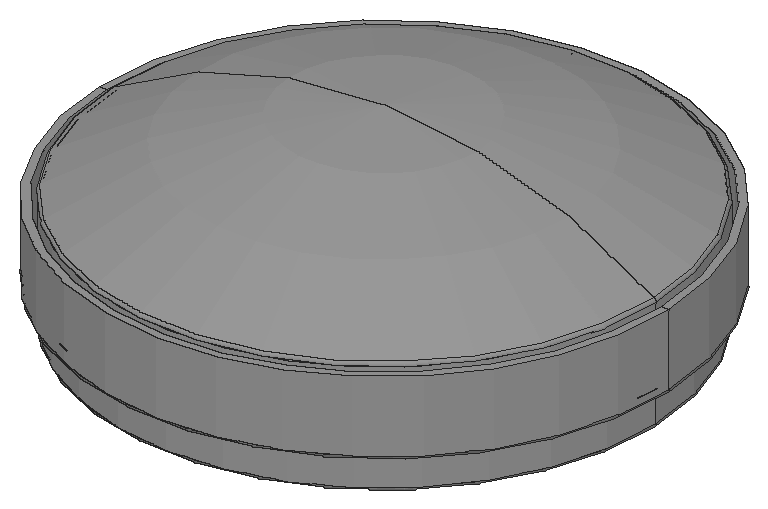
Revit family "3034790 Sylvania Lighting Fixture GIOTTO305 LED G2 4000K RECESSED DALI EMERGENCY", category Lighting Fixtures, host Face, Revit 2016
Family settings
  Host = Face
  Part Type = Normal
  Round Connector Dimension = Use Diameter
  OmniClass Number = 23.80.70.00
  OmniClass Title = Lighting
  Cut with Voids When Loaded = No
  Light Source = Yes
  Shared = No
  Room Calculation Point = No
Parameters (values of type "3034790 GIOTTO305 LED G2 4000K RECESSED DALI EMERGENCY Emergency mode")
  Weight = "1.41 kg"
  Wattage Comments = ""
  Wattage = 20 W
  WarrantyStartDate [instance] = "n/a"
  WarrantyGuarantorParts = "n/a"
  WarrantyDurationUnit = "n/a"
  WarrantyDurationParts = "n/a"
  WarrantyDescription = "n/a"
  built-in parameter 1150110 = 1 (stored number, unit not read)
  Voltage = 0 V
  URL = "http://www.sylvania-lighting.com"
  TypeName = "GIOTTO305 LED G2 4000K RECESSED DALI EMERGENCY Emergency mode"
  Type Image = <None>
  Type Comments = "n/a"
  built-in parameter 1114217 = 1 (stored number, unit not read)
  Tilt Angle = -90.00°
  built-in parameter 1150109 = 1 (stored number, unit not read)
  built-in parameter 1150134 = 12
  built-in parameter 1150113 = 1 (stored number, unit not read)
  SerialNumber [instance] = "n/a"
  Photometric Web File = "3034790EM.ies"
  Material_3_SYL = LED-Sylvania
  PowerFactor = 0
  PowerConsumption = "20 W"
  NominalLength = 305 mm
  NominalHeight = 104 mm
  NominalDepth = 305 mm
  Name = "GIOTTO305 LED G2 4000K RECESSED DALI EMERGENCY Emergency mode"
  ModelReference = Name  # "GIOTTO305 LED G2 4000K RECESSED DALI EMERGENCY Emergency mode"
  ModelNumber = "3034790"
  Model = Name  # "GIOTTO305 LED G2 4000K RECESSED DALI EMERGENCY Emergency mode"
  Material = "polycarbonate housing, polycarbonate diffuser"
  ManufacturerName = "Feilo Sylvania"
  Manufacturer = "Feilo Sylvania"
  LuminousEfficacy = "5.45 lm/W"
  built-in parameter 1150105 = 8.6739 (stored number, unit not read)
  Lumens = 109 lm
  LuminaireType = ""
  built-in parameter 1150115 = 1 (stored number, unit not read)
  LightOutputRatio = "n/a"
  built-in parameter 1150137 = (empty or 0)
  built-in parameter 1150139 = (empty or 0)
  LampsType = Lamp  # "LED"
  LampNominalLuminous = "109 lm"
  LampMacAdamStep = "n/a"
  LampColourTemperature = "4000 K"
  LampColourRenderingIndex = "80"
  built-in parameter 1150112 = 1 (stored number, unit not read)
  built-in parameter 1150114 = 1 (stored number, unit not read)
  Lamp = "LED"
  Keynote = "16500"
  InstallationDate [instance] = "n/a"
  InputVoltage = "n/a"
  InputNominalFrequency = "n/a"
  built-in parameter 1150132 = (empty or 0)
  built-in parameter 1150102 = (empty or 0)
  built-in parameter 1150107 = 4000 (stored number, unit not read)
  built-in parameter 1150138 = (empty or 0)
  IngressProtection = "IP44"
  ImpactProtectionIndex = "IK10"
  built-in parameter 1150106 = 0.086739 (stored number, unit not read)
  IfcExportType = "IfcLightFixtureType"
  IfcExportAs = "IfcLightFixtureType"
  Height_SYL = 104 mm
  ExpectedLife = 50000
  Emit from Circle Diameter = 317 mm
  Emit Shape Visible in Rendering = no
  ElectricShockClassification = "Class I"
  built-in parameter 1150104 = 0.50632 (stored number, unit not read)
  DurationUnit = "hours"
  DocumentationLiterature = "http://www.sylvania-lighting.com/product/en-int/products/3034790"
  DimmingControlOptions = "n/a"
  Material_2_SYL = Polycarbonate_Sylvania_Giotto_Opal
  Dimming Lamp Color Temperature Shift = <None>
  DiffuserRadius_SYL = 282.611 mm
  Diameter_SYL = 305 mm
  Description = "Ambient and decorative round, recessed mounted LED bulkhead luminaire. White robust polycarbonate body with opal diffuser, 1596 lm, 20W, 80lm/W, 4000K, CRI 80, DALI, integral 3 hour maintained emergency, 50,000 hours lumen maintenance. Drive current: 700mA, IP44, IK10, Class I, 220-240V, Energy class: A++, A+, A."
  Default Elevation = 1219.2 mm
  CreatedOn = "11/7/2018"
  CreatedBy = "@sylvania-lighting.com"
  Cost = 0
  Color Filter = 16777215
  built-in parameter 1114216 [instance] = (empty or 0)
  ClassificationValue = "EF_70_80"
  ClassificationName = "Uniclass2015"
  Material_1_SYL = Polycarbonate_Sylvania_Giotto_White
  BarCode [instance] = "n/a"
  built-in parameter 1114218 = 1 (stored number, unit not read)
  built-in parameter 1150133 = 10 (stored number, unit not read)
  AssetType = "Fixed"
  AssetIdentifier [instance] = "n/a"
  Assembly Code = "D5020200"
  Apparent Load = 20 VA
  Material_4_SYL = none
Types (2, lengths in mm): name | TypeName | Photometric Web File | Name | ModelReference | Model | LuminousEfficacy | built-in parameter 1150105 | Lumens | LampNominalLuminous | built-in parameter 1150106 | built-in parameter 1150104
  3034790 GIOTTO305 LED G2 4000K RECESSED DALI EMERGENCY Emergency mode | "GIOTTO305 LED G2 4000K RECESSED DALI EMERGENCY Emergency mode" | "3034790EM.ies" | "GIOTTO305 LED G2 4000K RECESSED DALI EMERGENCY Emergency mode" | "GIOTTO305 LED G2 4000K RECESSED DALI EMERGENCY Emergency mode" | "GIOTTO305 LED G2 4000K RECESSED DALI EMERGENCY Emergency mode" | "5.45 lm/W" | 8.6739 (stored number, unit not read) | 109 lm | "109 lm" | 0.086739 (stored number, unit not read) | 0.50632 (stored number, unit not read)
  3034790 GIOTTO305 LED G2 4000K RECESSED DALI EMERGENCY | "GIOTTO305 LED G2 4000K RECESSED DALI EMERGENCY" | "3034790.ies" | "GIOTTO305 LED G2 4000K RECESSED DALI EMERGENCY" | "GIOTTO305 LED G2 4000K RECESSED DALI EMERGENCY" | "GIOTTO305 LED G2 4000K RECESSED DALI EMERGENCY" | "80 lm/W" | 127.32 (stored number, unit not read) | 1600 lm | "1596 lm" | 1.2732 (stored number, unit not read) | 7.4322 (stored number, unit not read)
Reference planes
  plane 1 "Center (Front/Back)": y = 0
  plane 2: z = 0
  plane 3 "Center (Left/Right)": x = 0
  plane 4: x = 152.5
  plane 5: x = -152.5
  plane 6: x = -145.5
  plane 7: x = -148.5
  plane 8: z = 104
  plane 9: z = 59
  plane 10: z = 19
  plane 11: z = 24
  plane 12: x = -150.9
  plane 13: z = 20.6
  plane 14: z = 1.6
  plane 15: x = -143.9
  plane 16: z = 18
  plane 17: x = -146.5
  plane 18: z = 25
  plane 19: z = 61
Forms (mm)
  Revolve 1, solid, material "Polycarbonate_Sylvania_Giotto_White" <- "Material_1_SYL"
    sketch origin (0, 0, 0) x (1, 0, 0) y (0, 0, 1)
      loop
        line (0, 0) -> (0, 25) -> (-143.9, 25) -> (-143.9, 24) -> (-148.5, 24) -> (-148.5, 59) -> (-152.5, 59) -> (-152.5, 20.6)
        arc (-152.5, 20.6) -> (-152.031, 19.469) -> (-150.9, 19) r 1.6
        line (-150.9, 19) -> (-146.5, 19)
        arc (-146.5, 19) -> (-145.793, 18.707) -> (-145.5, 18) r 1
        line (-145.5, 18) -> (-145.5, 1.6)
        arc (-145.5, 1.6) -> (-145.031, 0.469) -> (-143.9, 0) r 1.6
        line (-143.9, 0) -> (0, 0)
      axis (0, 59) -> (0, 0)
    angle from 360 to 0
  Revolve 2, solid, material "Polycarbonate_Sylvania_Giotto_Opal" <- "Material_2_SYL"
    sketch origin (0, 0, 0) x (1, 0, 0) y (0, 0, 1)
      loop
        line (-145.5, 24) -> (-143.9, 24) -> (-143.9, 59.636)
        arc (-143.9, 59.636) -> (-143.79, 60.068) -> (-143.485, 60.394) r 0.9
        arc (-143.485, 60.394) -> (-74.754, 91.683) -> (0, 102.4) r 266.066
        line (0, 102.4) -> (0, 104)
        arc (0, 104) -> (-75.203, 93.218) -> (-144.348, 61.742) r 267.666
        arc (-144.348, 61.742) -> (-145.193, 60.836) -> (-145.5, 59.636) r 2.5
        line (-145.5, 59.636) -> (-145.5, 24)
      axis (0, 104) -> (0, 24)
    angle from 360 to 0
Dimensions and locks
  equal spacing: plane 4, plane 3 "Center (Left/Right)", plane 5
  "Diameter_SYL": plane 4 to plane 5
  locked: plane 6 to plane 5 at 7
  locked: plane 7 to plane 5 at 4
  "Height_SYL": plane 8 to plane 2
  locked: plane 8 to plane 9 at 45
  locked: plane 9 to plane 10 at 40
  Revolve 1 sketch curve to Revolve 1 sketch curve = 4.4 mm
  locked: plane 11 to plane 10 at 5
  locked: plane 12 to plane 5 at 1.6
  locked: plane 13 to plane 10 at 1.6
  locked: plane 14 to plane 2 at 1.6
  locked: plane 15 to plane 6 at 1.6
  locked: plane 6 to plane 17 at 1
  locked: plane 10 to plane 16 at 1
  locked: plane 18 to plane 11 at 1
  locked: plane 19 to plane 9 at 2
  aligned and locked: plane 2 to host face
  aligned and locked: level to host face
  aligned and locked: Revolve 1 sketch curve to plane 3 "Center (Left/Right)"
  aligned and locked: level to Revolve 1 sketch curve
  aligned and locked: Revolve 1 sketch curve to plane 10
  aligned and locked: plane 9 to Revolve 1 sketch curve
  aligned and locked: Revolve 1 sketch curve to plane 7
  aligned and locked: plane 12 to Revolve 1 sketch curve  (x2)
  aligned and locked: plane 13 to Revolve 1 sketch curve  (x2)
  aligned and locked: plane 15 to Revolve 1 sketch curve  (x3)
  aligned and locked: plane 14 to Revolve 1 sketch curve  (x2)
  aligned and locked: plane 3 "Center (Left/Right)" to imposter light
  aligned and locked: imposter light to plane 1 "Center (Front/Back)"
  aligned and locked: plane 18 to Revolve 1 sketch curve
  aligned and locked: plane 11 to Revolve 1 sketch curve
  aligned and locked: imposter light to plane 8
  aligned and locked: plane 6 to Revolve 1 sketch curve
  aligned and locked: plane 17 to Revolve 1 sketch curve
  aligned and locked: plane 16 to Revolve 1 sketch curve
  aligned and locked: Revolve 2 sketch curve to plane 3 "Center (Left/Right)"
  aligned and locked: plane 6 to Revolve 2 sketch curve
  aligned and locked: plane 3 "Center (Left/Right)" to Revolve 2 sketch curve
  aligned and locked: plane 11 to Revolve 2 sketch curve
  aligned and locked: Revolve 2 sketch curve to imposter light
Automatic sketch dimensions
  host sketch curve to host sketch curve = 2438.4 mm  (x2)
  Revolve 1 sketch curve to plane 3 "Center (Left/Right)" = 0 mm
  Revolve 1 sketch curve to level = 609.6 mm
  Revolve 1 sketch curve to plane 8 = 2499.058 mm
  Revolve 2 sketch curve to Revolve 2 sketch curve = 0 mm  (x4)
  Revolve 2 sketch curve to plane 15 = 0 mm
  Revolve 2 sketch curve to plane 8 = 0 mm
  plane 15 to Revolve 2 sketch curve = 0.9 mm
  Revolve 2 sketch curve to level = 163.666 mm
  Revolve 2 sketch curve to plane 9 = 0.636 mm
  Revolve 2 sketch curve to Revolve 2 sketch curve = 445.934 mm
  Revolve 2 sketch curve to plane 8 = 2505.058 mm
Connectors
  electrical at (0, 0, 0), driven by "Apparent Load", driven by "PowerFactor", driven by "Voltage"
    settings: index 1, voltage 0 V, apparent load 20 VA, apparent load phase1 0 VA, apparent load phase2 0 VA, apparent load phase3 0 VA, power factor 0, load classification "Lighting", number of poles 1, system type 30, power factor state 1, is connector primary yes, connector utility no, sub classification motor no, connector description ""
